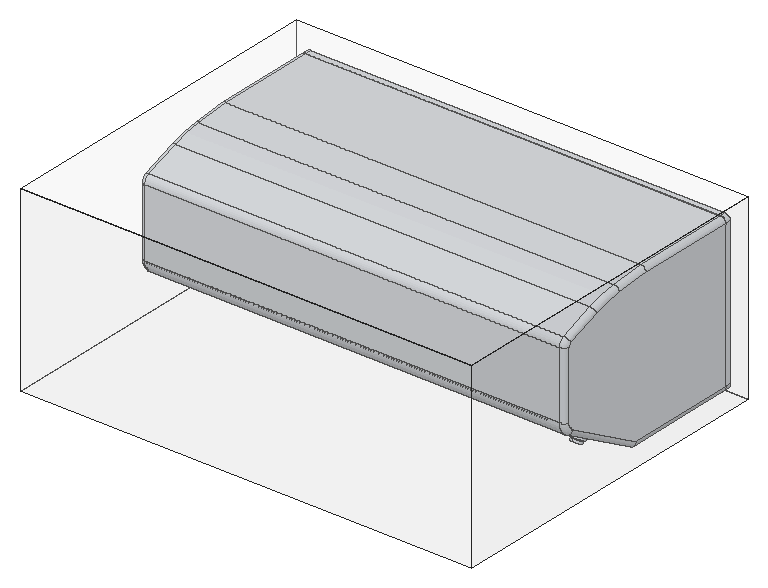
Revit family "msz-hxv2580_24_60hz", category 機械設備, Revit 2019
Family settings
  丸型コネクタ寸法 = 直径を使用
  種別 = なし
  パーツ タイプ = 標準
  OmniClass 番号 = 23.75.10.24.21.27.27
  OmniClass タイトル = Split System Air Conditioning Units
  作業面ベース = いいえ
  常に垂直 = はい
  ロード時にボイドで切り取り = いいえ
  共有 = いいえ
  部屋計算ポイント = はい
Parameters (values of type "壁掛_MSZ-HXV2524-W-IN")
  運転音(静冷房)  db = 34
  運転音(静暖房)  db = 39
  運転音(強暖房)  db = 62
  運転音(強冷房)  db = 61
  運転音(弱暖房)  db = 45
  運転音(弱冷房)  db = 46
  運転音(中暖房)  db = 50
  運転音(中冷房)  db = 51
  風量 = MAX風量  # 780 m³/h
  音響パワーレベル(dB) = 61
  音響パワーレベル (弱) (dB) = 34
  電源種別 = ""
  電圧_電気ヒーター = 0 V
  電圧 = 100 V
  電動機出力_送風機 = 28 W
  運転質量 = 0.00 kg
  運転方法 = "冷暖切替"
  連動 = ""
  質量 = if(製品質量 > 運転質量, 製品質量, 運転質量) * 1.2  # 21.60 kg
  負荷分類 = 1_熱源類
  設計暖房能力 [instance] = 0 kW
  設計冷房能力_顕熱 [instance] = 0 kW
  設計冷房能力 [instance] = 0 kW
  設置方法 = "壁掛形"
  記号 [instance] = ""
  製造元 = "三菱電機株式会社"
  製品質量 = 18.00 kg
  製品出荷対象 = "国内"
  製品リリース年月 = ""
  製品グループ = ""
  系統 [instance] = ""
  符号 = "PAC"
  積算_科目 = "1 空気調和設備"
  積算_拾い区分 [instance] = ""
  相_電気ヒーター = 1
  相 = 1
  盤記号 [instance] = ""
  発停方法 = "付属スイッチ"
  特殊仕様 [instance] = ""
  火災停止 = ""
  消費電力_電気ヒーター = 0 W
  消費電力_暖房 = 590 W
  消費電力_冷房 = 500 W
  消費電力 = if(消費電力_冷房 > 消費電力_暖房, 消費電力_冷房, 消費電力_暖房)  # 590 W
  法定耐用年数 = "6"
  極数 = 1
  材質 [instance] = ""
  本体マテリアル = none
  有効加湿量 = 0
  最大電流値 = 0 A
  暖房能力 = 3.2 kW
  暖房 風量 = 780 m³/h
  推奨ブレーカー容量 = 20 A
  台数_冷媒分岐ユニット [instance] = ""
  冷房 風量 = 665 m³/h
  冷媒管長 [instance] = 0 mm
  価格 = 0
  形式_加湿器 = ""
  形式 = "壁掛 (露出)形"
  幹線記号 = ""
  室内機 = 室内機 : MSZ-ZXV2223-W-IN
  始動方式 = "直入"
  呼称 = "パッケージ形空気調和機_室内機"
  周波数 = 60 Hz
  台数_手元リモコン = ""
  参照している仕様書等のバージョン = "公共建築工事標準仕様書（機械設備工事編）平成31年度版"
  加湿給水管径 = 0 mm
  分類コード = "5.0053E+13"
  分類グループ = ""
  冷房能力 = 2.5 kW
  冷媒高低圧ガス管径 = 0 mm
  冷媒管径符号 = "Ab"
  冷媒管径 = 100 mm
  冷媒液管径 = 6.35 mm
  冷媒ガス管径 = 9.52 mm
  企業コード = "108420"
  付属品 [instance] = ""
  仕様書バージョン = "Version1.0"
  モデル = "MSZ-HXV25**-*-IN"
  ドレン管径 = 16 mm
  サービススペース = yes
  コメント [instance] = ""
  Width = 799 mm
  Version = ""
  Uniclass2015Version = "Systems v1.9"
  Uniclass2015Title = "Split coil remote air cooled condensing units"
  Uniclass2015Code = "Pr_70_65_03_84"
  URL = "https://www.mitsubishielectric.co.jp/ldg/wink/"
  S寸法 = 0 mm
  SpecificationReference = ""
  SpecificationDescription = ""
  Revision = ""
  ProductInformation = ""
  OmniClassCode = "23-33 17 13 11"
  MAX風量 = if(冷房 風量 > 暖房 風量, 冷房 風量, 暖房 風量)  # 780 m³/h
  IfcTypeProduct = ""
  IfcProduct = ""
  IfcExportType = "AIRCONDITIONINGUNIT"
  IfcExportAs = "IfcUnitaryEquipmentType"
  Height = 295 mm
  Depth = 389 mm
  Clearance Top = 39 mm
  Clearance Right = 30 mm
  Clearance Left = 20 mm
  Clearance Front = 256 mm
  Clearance Bottom = 7 mm
  Clearance Back = 0 mm
  COP = 0
  Author = "三菱電機株式会社"
  APF = 0
Types (7, lengths in mm): name | 運転音(静冷房)  db | 運転音(静暖房)  db | 運転音(強暖房)  db | 運転音(強冷房)  db | 運転音(弱暖房)  db | 運転音(弱冷房)  db | 運転音(中暖房)  db | 運転音(中冷房)  db | 風量 | 音響パワーレベル(dB) | 音響パワーレベル (弱) (dB) | 電圧 | 電動機出力_送風機 | 質量 | 製品質量 | 消費電力_暖房 | 消費電力_冷房 | 消費電力 | 暖房能力 | 暖房 風量 | 推奨ブレーカー容量 | 冷房 風量 | 冷房能力 | 冷媒管径符号 | 冷媒ガス管径 | モデル | MAX風量
  壁掛_MSZ-HXV2524-W-IN | 34 | 39 | 62 | 61 | 45 | 46 | 50 | 51 | 780 m³/h | 61 | 34 | 100 V | 28 W | 21.60 kg | 18.00 kg | 590 W | 500 W | 590 W | 3.2 kW | 780 m³/h | 20 A | 665 m³/h | 2.5 kW | "Ab" | 9.52 | "MSZ-HXV25**-*-IN" | 780 m³/h
  壁掛_MSZ-HXV2824S-W-IN | 34 | 39 | 66 | 63 | 46 | 48 | 52 | 53 | 810 m³/h | 63 | 34 | 200 V | 40 W | 21.60 kg | 18.00 kg | 770 W | 580 W | 770 W | 4 kW | 810 m³/h | 15 A | 665 m³/h | 2.8 kW | "Ab" | 9.52 | "MSZ-HXV28**S-*-IN" | 810 m³/h
  壁掛_MSZ-HXV4024S-W-IN | 40 | 44 | 69 | 67 | 50 | 50 | 55 | 55 | 930 m³/h | 67 | 40 | 200 V | 40 W | 22.80 kg | 19.00 kg | 1430 W | 960 W | 1430 W | 6 kW | 930 m³/h | 20 A | 730 m³/h | 4 kW | "Ab" | 9.52 | "MSZ-HXV40**S-*-IN" | 930 m³/h
  壁掛_MSZ-HXV5624S-W-IN | 44 | 46 | 71 | 68 | 51 | 51 | 56 | 56 | 940 m³/h | 68 | 44 | 200 V | 40 W | 22.80 kg | 19.00 kg | 1700 W | 1720 W | 1720 W | 6.7 kW | 940 m³/h | 20 A | 805 m³/h | 5.6 kW | "Ab" | 9.52 | "MSZ-HXV56**S-*-IN" | 940 m³/h
  壁掛_MSZ-HXV6324S-W-IN | 44 | 47 | 71 | 69 | 52 | 52 | 57 | 57 | 960 m³/h | 69 | 44 | 200 V | 40 W | 22.80 kg | 19.00 kg | 1900 W | 2200 W | 2200 W | 7.1 kW | 960 m³/h | 20 A | 860 m³/h | 6.3 kW | "Ac" | 12.7 | "MSZ-HXV63**S-*-IN" | 960 m³/h
  壁掛_MSZ-HXV7124S-W-IN | 44 | 47 | 72 | 70 | 52 | 52 | 57 | 57 | 1045 m³/h | 70 | 44 | 200 V | 40 W | 22.80 kg | 19.00 kg | 2350 W | 2500 W | 2500 W | 8.5 kW | 1045 m³/h | 20 A | 960 m³/h | 7.1 kW | "Ac" | 12.7 | "MSZ-HXV71**S-*-IN" | 1045 m³/h
  壁掛_MSZ-HXV8024S-W-IN | 44 | 47 | 72 | 72 | 52 | 52 | 57 | 57 | 1045 m³/h | 72 | 44 | 200 V | 46 W | 22.80 kg | 19.00 kg | 2680 W | 2920 W | 2920 W | 9.5 kW | 1045 m³/h | 20 A | 960 m³/h | 8 kW | "Ac" | 12.7 | "MSZ-HXV80**S-*-IN" | 1045 m³/h
Reference planes
  plane 1 "中心(正面/背面)": y = 0
  plane 2: z = 0
  plane 3 "中心(左/右)": x = 0
  plane 4: y = -650
  plane 5: x = -399.5
  plane 6: x = 399.5
  plane 7: x = 429.5
  plane 8: z = 0
  plane 9: z = 39
  plane 10: x = -419.5
  plane 11: z = -253
  plane 12: x = -352.5
  plane 13: z = -302
  plane 14: y = -199.5
  plane 15: y = -394
  plane 16: y = -5
  plane 17: x = 352.5
  plane 18: z = -254
  plane 19: z = -295
  plane 20: y = 0
  plane 21: z = -284
  plane 22: z = -273
  plane 23: z = -385
Forms (mm)
  Extrusion 1, solid, detail levels fine
    sketch origin (-695, 194.999, 0) x (1, 0, 0) y (0, 0, 1)
      loop
        circle (342.5, -253) r 10
    from 199.999 to 217.5
  Extrusion 2, solid, detail levels fine
    sketch origin (-695, 210.625, -30) x (1, 0, 0) y (0, 0, 1)
      loop
        circle (342.5, -243) r 5
    from 215.625 to 220.625
Lines and regions (mm)
  Masking region 1, detail levels coarse+medium
    outline origin (0, 0, 0) x (1, 0, 0) y (0, 1, 0)
      loop
        line (399.5, 0) -> (-399.5, 0) -> (-399.5, -394) -> (399.5, -394) -> (399.5, 0)
Dimensions and locks
  equal spacing: plane 5, plane 3 "中心(左/右)", plane 6
  "Clearance Right": plane 6 to plane 7
  "Clearance Top": plane 9 to plane 8
  "Width": plane 5 to plane 6
  "Clearance Left": plane 10 to plane 5
  locked: plane 5 to plane 12 at 47
  equal spacing: plane 15, plane 14, plane 16
  "Depth": plane 15 to plane 16
  "Clearance Front": plane 4 to plane 15
  nested 1 to plane 15 = 389 mm
  locked: plane 6 to plane 17 at 47
  "Clearance Bottom": plane 19 to plane 13
  "Height": plane 8 to plane 19
  locked: plane 19 to plane 11 at 42
  locked: plane 19 to plane 18 at 41
  "Clearance Back": plane 1 "中心(正面/背面)" to plane 20
  locked: plane 21 to plane 18 at 30
  locked: plane 22 to plane 11 at 20
  plane 16 to plane 20 = 5 mm
  plane 4 to plane 20 = 650 mm
  plane 20 to plane 16 = 5 mm
  aligned and locked: plane 2 to level
  aligned and locked: plane 8 to nested 1  (x2)
  aligned and locked: nested 1 to plane 19  (x2)
  aligned and locked: level to plane 8
  aligned and locked: plane 9 to nested 2
  aligned and locked: plane 13 to nested 2
  aligned and locked: Masking region 1 sketch curve to plane 5
  aligned and locked: plane 15 to Masking region 1 sketch curve
  aligned and locked: Masking region 1 sketch curve to plane 20
  aligned and locked: plane 6 to Masking region 1 sketch curve
  aligned and locked: plane 16 to nested 1
  aligned and locked: plane 1 "中心(正面/背面)" to nested 2
  aligned and locked: plane 10 to nested 2
  aligned and locked: plane 7 to nested 2
  aligned and locked: plane 4 to nested 2
  aligned and locked: nested 1 to Extrusion 1
  aligned and locked: nested 1 to Extrusion 2
Automatic sketch dimensions
  Extrusion 1 sketch curve to plane 11 = 0 mm
  plane 12 to Extrusion 1 sketch curve = 0 mm
  plane 12 to Extrusion 2 sketch curve = 0 mm
  Extrusion 2 sketch curve to plane 22 = 0 mm
  radius of Extrusion 1 sketch curve = 10 mm
  radius of Extrusion 2 sketch curve = 5 mm
Nested families
  nested 1: "室内機" at (0, 0, -295), type <- "室内機", type "MSZ-ZXV2223-W-IN", detail levels fine
  nested 2: "サービススペース" at (5, -325, -131.5), visible <- "サービススペース", type "サービススペース"
    with Width 849 mm, Height 341 mm, Depth 650 mm
Connectors
  piping at (-352.5, -5, -253), diameter 100, driven by "冷媒管径", driven by "冷媒管径符号"
    settings: on Extrusion 1, index 7, connector inside diameter 609.6 mm, connector length 0 mm, flow factor 0, pipe flow 0.0 L/s, pressure drop 0.0 Pa, fitting loss kfactor 0, connector angle 0.00°, fixture units 0, engagement length 0 mm, angle of deflection 0.00°, flow configuration 1, flow direction 1, fitting loss method 4, system type 7, joint type 0, gender type 0, connector reference index -1, connector utility 0, adjustable connector no, is connector primary yes, connector description "Ab"
  piping at (-352.5, -5, -273), diameter 16, driven by "ドレン管径"
    settings: on Extrusion 2, index 8, connector inside diameter 609.6 mm, connector length 0 mm, flow factor 0, pipe flow 0.0 L/s, pressure drop 0.0 Pa, fitting loss kfactor 0, connector angle 0.00°, fixture units 0, engagement length 0 mm, angle of deflection 0.00°, flow configuration 1, flow direction 2, fitting loss method 4, system type 16, joint type 0, gender type 0, connector reference index -1, connector utility 0, adjustable connector no, is connector primary no, connector description ""
  electrical at (0, -5, -147.5), driven by "負荷分類", driven by "電圧", driven by "消費電力"
    settings: on nested 1, index 10, voltage 100 V, apparent load 590 VA, apparent load phase1 0 VA, apparent load phase2 0 VA, apparent load phase3 0 VA, power factor 1, load classification "1_熱源類", number of poles 1, system type 30, power factor state 1, is connector primary yes, connector utility no, sub classification motor no, connector description ""
Definition of nested family "室内機"
  Parameters (values of type "MSZ-ZXV9023S-W-IN")
    Width = 799 mm
    Height = 295 mm
    Depth = 394 mm
  Types (12): name
    MSZ-ZXV9023S-W-IN
    MSZ-ZXV8023S-W-IN
    MSZ-ZXV7123S-W-IN
    MSZ-ZXV6323S-W-IN
    MSZ-ZXV5623S-W-IN
    MSZ-ZXV4023S-W-IN
    MSZ-ZXV3623S-W-IN
    MSZ-ZXV3623-W-IN
    MSZ-ZXV2823S-W-IN
    MSZ-ZXV2823-W-IN
    MSZ-ZXV2523-W-IN
    MSZ-ZXV2223-W-IN
  Reference planes
    plane 1 "中心(正面/背面)": y = 0
    plane 2: z = 0
    plane 3 "中心(左/右)": x = 0
    plane 4: y = -5
    plane 5: x = 399.5
    plane 6: x = -399.5
    plane 7: y = -394
    plane 8: z = 295
    plane 9: x = 379.5
    plane 10: y = -385
    plane 11: y = -394
    plane 12: z = 42
    plane 13: z = 295
    plane 14: z = 273
    plane 15: x = 352
    plane 16: x = -352
    plane 17: x = 399
    plane 18: x = 335
    plane 19: z = 253
    plane 20: x = 225
    plane 21: x = -225
    plane 22: x = 280
    plane 23: x = 155
    plane 24: z = 263
    plane 25: z = 243
  Forms (mm)
    Extrusion 1, solid
      sketch origin (0, 4, 0) x (0, 1, 0) y (0, 0, 1)
        loop
          line (-20, 284.987) -> (-212.516, 284.987) -> (-267.726, 279.494)
          arc (-267.726, 279.494) -> (-294.837, 275.073) -> (-321.185, 267.308) r 219.987
          line (-321.185, 267.308) -> (-384.718, 244.184)
          arc (-384.718, 244.184) -> (-387.098, 242.358) -> (-388, 239.497) r 4.987
          line (-388, 239.497) -> (-388, 112.321)
          arc (-388, 112.321) -> (-385.322, 102.327) -> (-378.006, 95.011) r 19.987
          line (-378.006, 95.011) -> (-230.785, 10.013) -> (-20, 10.013) -> (-20, 284.987)
      from -399.5 to 399.5
    Sweep 2, solid
      path origin (390, 4, 0) x (0, 1, 0) y (0, 0, 1)
        loop
          line (-20, 295) -> (-208.013, 295) -> (-270.599, 288.772)
          arc (-270.599, 288.772) -> (-298.943, 284.15) -> (-326.49, 276.032) r 230
          line (-326.49, 276.032) -> (-388.143, 253.592)
          arc (-388.143, 253.592) -> (-395.3, 248.101) -> (-398.013, 239.497) r 15
          line (-398.013, 239.497) -> (-398.013, 112.321)
          arc (-398.013, 112.321) -> (-393.993, 97.321) -> (-383.013, 86.34) r 30
          line (-383.013, 86.34) -> (-233.468, 0) -> (-20, 0)
      profile origin (390, -110.006, 295) x (0, 0, -1) y (1, 0, 0)
        loop
          arc (10.013, 9.5) -> (3.113, 6.75) -> (0.013, 0) r 10
          line (0.013, 0) -> (0.013, -780)
          arc (0.013, -780) -> (3.113, -786.75) -> (10.013, -789.5) r 10
          line (10.013, -789.5) -> (10.013, 9.5)
    Extrusion 3, solid
      sketch origin (0, 0, 0) x (1, 0, 0) y (0, 0, 1)
        loop
          line (-399.5, 285) -> (-399.5, 10)
          arc (-399.5, 10) -> (-396.746, 3.108) -> (-390, 0.013) r 10
          line (-390, 0.013) -> (390, 0.013)
          arc (390, 0.013) -> (396.746, 3.108) -> (399.5, 10) r 10
          line (399.5, 10) -> (399.5, 285)
          arc (399.5, 285) -> (396.746, 291.892) -> (390, 294.987) r 10
          line (390, 294.987) -> (-390, 294.987)
          arc (-390, 294.987) -> (-396.746, 291.892) -> (-399.5, 285) r 10
      from 16 to 5
    Revolve 4, solid
      sketch origin (367, -58.632, -153.367) x (0, 0.866025, -0.5) y (0, 0.5, 0.866025)
        loop
          line (-330.479, 56.396) -> (-330.479, 42.304) -> (-323.593, 42.304) -> (-323.593, 35.722) -> (-320.593, 35.722) -> (-320.593, 40.304)
          arc (-320.593, 40.304) -> (-320.007, 41.718) -> (-318.593, 42.304) r 2
          line (-318.593, 42.304) -> (-317.593, 42.304) -> (-317.593, 56.396) -> (-330.479, 56.396)
        axis (-330.479, 35.722) -> (-330.479, 56.396)
      angle from 0 to 360
    Extrusion 5, void
      sketch origin (0, -129.013, 230.692) x (1, 0, 0) y (0, -0.866025, 0.5)
        loop
          line (-383, 2) -> (-8.5, 2) -> (-8.5, 52) -> (-383, 52) -> (-383, 2)
        loop
          line (-385, 54) -> (-385, 0) -> (385, 0) -> (385, 54) -> (-385, 54)
        loop
          line (383, 2) -> (383, 52) -> (-6.5, 52) -> (-6.5, 2) -> (383, 2)
      from 250 to 244.836
    Extrusion 6, solid
      sketch origin (0, 0, 0) x (1, 0, 0) y (0, 0, 1)
        loop
          line (-285, 0) -> (285, 0) -> (285, 70)
          arc (285, 70) -> (292.322, 87.678) -> (310, 95) r 25
          arc (310, 95) -> (327.678, 102.322) -> (335, 120) r 25
          line (335, 120) -> (335, 273) -> (295, 273) -> (295, 278)
          arc (295, 278) -> (293.536, 281.536) -> (290, 283) r 5
          line (290, 283) -> (270, 283)
          arc (270, 283) -> (266.464, 281.536) -> (265, 278) r 5
          line (265, 278) -> (265, 273) -> (119.535, 273) -> (70.033, 253) -> (24.949, 253) -> (10, 290) -> (0, 290) -> (-10, 290) -> (-24.949, 253) -> (-105.033, 253) -> (-154.535, 273) -> (-265, 273) -> (-265, 278)
          arc (-265, 278) -> (-266.464, 281.536) -> (-270, 283) r 5
          line (-270, 283) -> (-290, 283)
          arc (-290, 283) -> (-293.536, 281.536) -> (-295, 278) r 5
          line (-295, 278) -> (-295, 273) -> (-335, 273) -> (-335, 120)
          arc (-335, 120) -> (-327.678, 102.322) -> (-310, 95) r 25
          arc (-310, 95) -> (-292.322, 87.678) -> (-285, 70) r 25
          line (-285, 70) -> (-285, 0)
        loop
          line (230.5, 248.5) -> (230.5, 257.5)
          arc (230.5, 257.5) -> (225, 263) -> (219.5, 257.5) r 5.5
          line (219.5, 257.5) -> (219.5, 248.5)
          arc (219.5, 248.5) -> (225, 243) -> (230.5, 248.5) r 5.5
        loop
          arc (-220.5, 247.5) -> (-215, 253) -> (-220.5, 258.5) r 5.5
          line (-220.5, 258.5) -> (-229.5, 258.5)
          arc (-229.5, 258.5) -> (-235, 253) -> (-229.5, 247.5) r 5.5
          line (-229.5, 247.5) -> (-220.5, 247.5)
        loop
          line (-105, 10) -> (105, 10)
          arc (105, 10) -> (155, 60) -> (105, 110) r 50
          line (105, 110) -> (-105, 110)
          arc (-105, 110) -> (-155, 60) -> (-105, 10) r 50
        loop
          line (305, 243) -> (255, 243) -> (255, 188) -> (261.875, 188)
          arc (261.875, 188) -> (265.887, 200.215) -> (267.245, 213) r 60.879
          line (267.245, 213) -> (292.755, 213)
          arc (292.755, 213) -> (294.113, 200.215) -> (298.125, 188) r 60.879
          line (298.125, 188) -> (305, 188) -> (305, 243)
        loop
          line (-305, 243) -> (-305, 188) -> (-298.125, 188)
          arc (-298.125, 188) -> (-294.113, 200.215) -> (-292.755, 213) r 60.879
          line (-292.755, 213) -> (-267.245, 213)
          arc (-267.245, 213) -> (-265.887, 200.215) -> (-261.875, 188) r 60.879
          line (-261.875, 188) -> (-255, 188) -> (-255, 243) -> (-305, 243)
      from 0 to 5
  Cuts and joins
    Extrusion 5 cuts Extrusion 1
    Extrusion 5 cuts Sweep 2
    joined: Sweep 2, Revolve 4
    Extrusion 5 cuts Extrusion 3
  Lines and regions (mm)
    model lines
      curve 1: line (-349.5, -121, 294.987) -> (-349.5, -181, 294.987)
      curve 2: line (-349.5, -189.013, 294.987) -> (349.5, -189.013, 294.987)
      curve 3: line (-349.5, -131, 294.987) -> (349.5, -131, 294.987)
      curve 4: line (349.5, -121, 294.987) -> (349.5, -181, 294.987)
      curve 5: line (-249.643, -121, 294.987) -> (-249.643, -181, 294.987)
      curve 6: line (-149.786, -121, 294.987) -> (-149.786, -181, 294.987)
      curve 7: line (-49.929, -121, 294.987) -> (-49.929, -181, 294.987)
      curve 8: line (49.929, -121, 294.987) -> (49.929, -181, 294.987)
      curve 9: line (149.786, -121, 294.987) -> (149.786, -181, 294.987)
      curve 10: line (249.643, -121, 294.987) -> (249.643, -181, 294.987)
      curve 11: line (-349.5, -151, 294.987) -> (349.5, -151, 294.987)
      curve 12: line (-349.5, -179.013, 294.987) -> (349.5, -179.013, 294.987)
      curve 13: line (-349.5, -161, 294.987) -> (349.5, -161, 294.987)
      curve 14: line (-349.5, -141, 294.987) -> (349.5, -141, 294.987)
      curve 15: line (-349.5, -121, 294.987) -> (349.5, -121, 294.987)
      curve 16: line (-349.5, -46, 294.987) -> (-349.5, -106, 294.987)
      curve 17: line (-349.5, -106, 294.987) -> (349.5, -106, 294.987)
      curve 18: line (-349.5, -56, 294.987) -> (349.5, -56, 294.987)
      curve 19: line (349.5, -46, 294.987) -> (349.5, -106, 294.987)
      curve 20: line (-249.643, -46, 294.987) -> (-249.643, -106, 294.987)
      curve 21: line (-149.786, -46, 294.987) -> (-149.786, -106, 294.987)
      curve 22: line (-49.929, -46, 294.987) -> (-49.929, -106, 294.987)
      curve 23: line (49.929, -46, 294.987) -> (49.929, -106, 294.987)
      curve 24: line (149.786, -46, 294.987) -> (149.786, -106, 294.987)
      curve 25: line (249.643, -46, 294.987) -> (249.643, -106, 294.987)
      curve 26: line (-349.5, -76, 294.987) -> (349.5, -76, 294.987)
      curve 27: line (-349.5, -96, 294.987) -> (349.5, -96, 294.987)
      curve 28: line (-349.5, -86, 294.987) -> (349.5, -86, 294.987)
      curve 29: line (-349.5, -66, 294.987) -> (349.5, -66, 294.987)
      curve 30: line (-349.5, -46, 294.987) -> (349.5, -46, 294.987)
  Dimensions and locks
    equal spacing: plane 6, plane 3 "中心(左/右)", plane 5
    "Width": plane 6 to plane 5
    "Depth": plane 7 to plane 1 "中心(正面/背面)"
    "Height": plane 8 to level
    plane 6 to curve 1 = 50 mm
    locked: plane 4 to plane 1 "中心(正面/背面)" at 5
    cut or joined group of Extrusion 3, Extrusion 5 to plane 7 = 389 mm
    cut or joined group of Extrusion 3, Extrusion 5 to plane 11 = 389 mm
    plane 7 to cut or joined group of Extrusion 3, Extrusion 5 = 389 mm
    plane 13 to plane 12 = 253 mm
    plane 13 to plane 14 = 22 mm
    plane 18 to plane 17 = 64 mm
    plane 17 to plane 15 = 47 mm
    plane 19 to plane 12 = 211 mm
    plane 14 to plane 12 = 231 mm
    plane 19 to Extrusion 6 sketch curve = 65 mm
    plane 24 to plane 25 = 20 mm
    aligned and locked: level to plane 2
    aligned and locked: Extrusion 3 to Extrusion 1
    aligned and locked: cut or joined group of Extrusion 3, Extrusion 5 to plane 4
    aligned and locked: plane 4 to cut or joined group of Extrusion 3, Extrusion 5
    aligned and locked: plane 7 to cut or joined group of Sweep 2, Revolve 4, Extrusion 5
    aligned and locked: Extrusion 6 to plane 1 "中心(正面/背面)"
    aligned and locked: plane 4 to Extrusion 6
  Automatic sketch dimensions
    Extrusion 3 sketch curve to plane 6 = 0 mm
    Extrusion 3 sketch curve to plane 5 = 0 mm
    Extrusion 3 sketch curve to plane 8 = 0.013 mm
    plane 6 to Extrusion 3 sketch curve = 9.5 mm  (x2)
    level to Extrusion 3 sketch curve = 0.013 mm
    level to Extrusion 3 sketch curve = 10 mm
    Extrusion 3 sketch curve to Extrusion 3 sketch curve = 0.5 mm
    Extrusion 3 sketch curve to plane 5 = 10 mm  (x2)
    Extrusion 3 sketch curve to plane 5 = 9.5 mm  (x2)
    level to Revolve 4 sketch curve = 60.713 mm
    Revolve 4 sketch curve to plane 7 = 77.363 mm
    Revolve 4 sketch curve to Revolve 4 sketch curve = 6.886 mm
    Revolve 4 sketch curve to Revolve 4 sketch curve = 3 mm
    Revolve 4 sketch curve to Revolve 4 sketch curve = 2 mm
    Revolve 4 sketch curve to Revolve 4 sketch curve = 12.886 mm
    Revolve 4 sketch curve to Revolve 4 sketch curve = 14.091 mm
    Revolve 4 sketch curve to Revolve 4 sketch curve = 0 mm  (x2)
    Revolve 4 sketch curve to Revolve 4 sketch curve = 4.583 mm
    Revolve 4 sketch curve to Revolve 4 sketch curve = 6.134 mm
    Revolve 4 sketch curve to Revolve 4 sketch curve = 3.815 mm
    plane 6 to Extrusion 5 sketch curve = 14.5 mm
    Extrusion 5 sketch curve to Extrusion 5 sketch curve = 2 mm  (x5)
    Extrusion 5 sketch curve to plane 3 "中心(左/右)" = 8.5 mm
    plane 9 to Extrusion 5 sketch curve = 3.5 mm
    Extrusion 5 sketch curve to Extrusion 5 sketch curve = 0 mm
    Extrusion 5 sketch curve to Extrusion 5 sketch curve = 50 mm  (x2)
    curve 1 to curve 1 = 60 mm  (x2)
    Extrusion 1 sketch curve to plane 7 = 10 mm
    Extrusion 1 sketch curve to Extrusion 1 sketch curve = 3.282 mm
    Extrusion 1 sketch curve to Extrusion 1 sketch curve = 1.706 mm
    Extrusion 1 sketch curve to Extrusion 1 sketch curve = 9.994 mm  (x2)
    Extrusion 1 sketch curve to plane 8 = 27.692 mm
    Extrusion 1 sketch curve to Extrusion 1 sketch curve = 63.534 mm
    Extrusion 1 sketch curve to plane 8 = 15.506 mm
    Extrusion 1 sketch curve to Extrusion 1 sketch curve = 53.458 mm
    level to Extrusion 1 sketch curve = 60.587 mm
    level to Extrusion 1 sketch curve = 10.013 mm
    Extrusion 1 sketch curve to Extrusion 1 sketch curve = 15.16 mm
    Extrusion 1 sketch curve to plane 8 = 10.013 mm
    Extrusion 1 sketch curve to Extrusion 1 sketch curve = 55.211 mm
    plane 4 to Extrusion 1 sketch curve = 11 mm
    level to Extrusion 1 sketch curve = 95.011 mm
    Extrusion 1 sketch curve to plane 8 = 55.503 mm
    plane 7 to Sweep 2 sketch curve = 0.013 mm
    Sweep 2 sketch curve to level = 0 mm
    Sweep 2 sketch curve to plane 8 = 0 mm
    Sweep 2 sketch curve to plane 7 = 9.857 mm
    Sweep 2 sketch curve to plane 7 = 14.987 mm  (x2)
    Sweep 2 sketch curve to plane 7 = 29.987 mm
    Sweep 2 sketch curve to plane 8 = 18.968 mm
    Sweep 2 sketch curve to Sweep 2 sketch curve = 61.652 mm
    Sweep 2 sketch curve to plane 8 = 6.228 mm
    Sweep 2 sketch curve to Sweep 2 sketch curve = 55.891 mm
    level to Sweep 2 sketch curve = 59.903 mm
    Sweep 2 sketch curve to Sweep 2 sketch curve = 14.358 mm
    Sweep 2 sketch curve to Sweep 2 sketch curve = 62.587 mm
    level to Sweep 2 sketch curve = 86.34 mm
    Sweep 2 sketch curve to plane 8 = 55.503 mm
    plane 4 to Sweep 2 sketch curve = 11 mm  (x2)
    Sweep 2 sketch curve to profile plane = 0 mm
    Sweep 2 sketch curve to profile plane = 0.013 mm
    Sweep 2 sketch curve to profile plane = 10 mm  (x2)
    Sweep 2 sketch curve to profile plane = 0.5 mm
    profile plane to Sweep 2 sketch curve = 9.5 mm
    Sweep 2 sketch curve to Sweep 2 sketch curve = 779 mm
    Sweep 2 sketch curve to Sweep 2 sketch curve = 0.5 mm
    Sweep 2 to curve 30 = 30 mm
    curve 2 to Sweep 2 = 14.999 mm
    Sweep 2 to curve 2 = 40.5 mm
    curve 30 to curve 18 = 10 mm
    curve 18 to curve 29 = 10 mm
    curve 29 to curve 26 = 10 mm
    curve 26 to curve 28 = 10 mm
    curve 28 to curve 27 = 10 mm
    curve 27 to curve 15 = 25 mm
    curve 17 to curve 15 = 15 mm
    curve 17 to curve 3 = 25 mm
    curve 3 to curve 14 = 10 mm
    curve 14 to curve 11 = 10 mm
    curve 11 to curve 13 = 10 mm
    curve 12 to curve 2 = 10 mm
    Sweep 2 to curve 30 = 40.5 mm
    Sweep 2 to curve 3 = 40.5 mm
    curve 29 to curve 30 = 0 mm
    curve 11 to curve 3 = 0 mm
    curve 28 to curve 29 = 0 mm
    curve 12 to curve 2 = 0 mm
    curve 27 to curve 28 = 0 mm
    curve 13 to curve 11 = 0 mm
    curve 26 to curve 28 = 0 mm
    curve 14 to curve 3 = 0 mm
    curve 18 to curve 29 = 0 mm
    curve 15 to curve 27 = 0 mm
    curve 17 to curve 15 = 0 mm  (x2)
    Sweep 2 to curve 15 = 40.5 mm
    curve 14 to curve 17 = 0 mm
    Sweep 2 to curve 18 = 40.5 mm
    curve 13 to curve 14 = 0 mm
    curve 26 to curve 18 = 0 mm
    curve 12 to curve 13 = 0 mm
    curve 27 to curve 15 = 0 mm
    curve 11 to curve 13 = 0 mm
    curve 28 to curve 26 = 0 mm
    curve 3 to curve 17 = 0 mm
    curve 29 to curve 18 = 0 mm
    curve 2 to curve 12 = 0 mm
    curve 30 to curve 18 = 0 mm
    curve 19 to plane 9 = 30 mm
    plane 4 to curve 16 = 41 mm
    curve 4 to curve 19 = 0 mm
    curve 19 to curve 25 = 99.857 mm
    curve 10 to curve 25 = 0 mm
    plane 4 to curve 24 = 41 mm
    curve 25 to curve 24 = 99.857 mm
    curve 9 to curve 24 = 0 mm
    plane 3 "中心(左/右)" to curve 8 = 49.929 mm
    plane 3 "中心(左/右)" to curve 23 = 49.929 mm
    curve 7 to plane 3 "中心(左/右)" = 49.929 mm
    curve 22 to plane 3 "中心(左/右)" = 49.929 mm
    curve 7 to curve 6 = 99.857 mm
    curve 21 to curve 6 = 0 mm
    plane 4 to curve 20 = 41 mm
    curve 21 to curve 20 = 99.857 mm
    curve 5 to curve 20 = 0 mm
    plane 6 to curve 16 = 50 mm
    plane 6 to curve 1 = 50 mm
    plane 4 to curve 25 = 41 mm
    plane 4 to curve 21 = 41 mm
    plane 4 to curve 23 = 41 mm
    plane 4 to curve 22 = 41 mm
    plane 4 to curve 19 = 41 mm
    curve 23 to curve 23 = 60 mm
    curve 20 to curve 20 = 60 mm
    curve 24 to curve 24 = 60 mm
    curve 19 to curve 19 = 60 mm
    curve 21 to curve 21 = 60 mm
    curve 22 to curve 22 = 60 mm
    curve 16 to curve 16 = 60 mm
    curve 25 to curve 25 = 60 mm
    curve 16 to curve 1 = 15 mm
    curve 25 to curve 10 = 15 mm
    curve 20 to curve 5 = 15 mm
    curve 24 to curve 9 = 15 mm
    curve 21 to curve 6 = 15 mm
    curve 23 to curve 8 = 15 mm
    curve 22 to curve 7 = 15 mm
    curve 19 to curve 4 = 15 mm
    curve 8 to curve 8 = 60 mm
    curve 5 to curve 5 = 60 mm
    curve 9 to curve 9 = 60 mm
    curve 4 to curve 4 = 60 mm
    curve 6 to curve 6 = 60 mm
    curve 7 to curve 7 = 60 mm
    curve 10 to curve 10 = 60 mm
    Extrusion 6 sketch curve to plane 14 = 0 mm  (x4)
    Extrusion 6 sketch curve to plane 25 = 0 mm  (x2)
    Extrusion 6 sketch curve to level = 0 mm
    Extrusion 6 sketch curve to plane 19 = 0 mm  (x3)
    Extrusion 6 sketch curve to plane 3 "中心(左/右)" = 0 mm
    Extrusion 6 sketch curve to plane 20 = 0 mm
    plane 18 to Extrusion 6 sketch curve = 0 mm
    Extrusion 6 sketch curve to plane 16 = 1.635 mm
    plane 16 to Extrusion 6 sketch curve = 17 mm
    Extrusion 6 sketch curve to Extrusion 6 sketch curve = 25 mm  (x3)
    Extrusion 6 sketch curve to Extrusion 6 sketch curve = 30 mm
    Extrusion 6 sketch curve to Extrusion 6 sketch curve = 6.875 mm  (x3)
    plane 14 to Extrusion 6 sketch curve = 5 mm  (x3)
    Extrusion 6 sketch curve to Extrusion 6 sketch curve = 10 mm
    Extrusion 6 sketch curve to Extrusion 6 sketch curve = 5.37 mm  (x3)
    Extrusion 6 sketch curve to Extrusion 6 sketch curve = 5 mm  (x3)
    plane 21 to Extrusion 6 sketch curve = 60 mm
    Extrusion 6 sketch curve to Extrusion 6 sketch curve = 20 mm
    Extrusion 6 sketch curve to Extrusion 6 sketch curve = 25.51 mm
    plane 21 to Extrusion 6 sketch curve = 30 mm
    plane 21 to Extrusion 6 sketch curve = 4.5 mm
    Extrusion 6 sketch curve to plane 21 = 4.5 mm
    Extrusion 6 sketch curve to plane 21 = 18.635 mm
    Extrusion 6 sketch curve to Extrusion 6 sketch curve = 65.965 mm
    Extrusion 6 sketch curve to Extrusion 6 sketch curve = 49.502 mm
    plane 12 to Extrusion 6 sketch curve = 18 mm
    Extrusion 6 sketch curve to plane 3 "中心(左/右)" = 105 mm
    Extrusion 6 sketch curve to plane 3 "中心(左/右)" = 24.949 mm
    Extrusion 6 sketch curve to plane 3 "中心(左/右)" = 10 mm
    plane 3 "中心(左/右)" to Extrusion 6 sketch curve = 10 mm
    plane 3 "中心(左/右)" to Extrusion 6 sketch curve = 24.949 mm
    Extrusion 6 sketch curve to Extrusion 6 sketch curve = 45.084 mm
    Extrusion 6 sketch curve to plane 23 = 50 mm
    Extrusion 6 sketch curve to plane 23 = 35.465 mm
    Extrusion 6 sketch curve to plane 20 = 18.635 mm
    plane 22 to Extrusion 6 sketch curve = 25 mm
    plane 22 to Extrusion 6 sketch curve = 15 mm
    plane 22 to Extrusion 6 sketch curve = 12.755 mm
    Extrusion 6 sketch curve to plane 22 = 5 mm
    Extrusion 6 sketch curve to plane 22 = 10 mm
    Extrusion 6 sketch curve to plane 22 = 12.755 mm
    plane 18 to Extrusion 6 sketch curve = 25 mm
    plane 15 to Extrusion 6 sketch curve = 1.635 mm
    level to Extrusion 6 sketch curve = 10 mm
    plane 12 to Extrusion 6 sketch curve = 28 mm  (x2)
    Extrusion 6 sketch curve to plane 25 = 55 mm
    plane 25 to Extrusion 6 sketch curve = 4.5 mm
    Extrusion 6 sketch curve to plane 19 = 4.5 mm
    plane 19 to Extrusion 6 sketch curve = 4.5 mm
    Extrusion 6 sketch curve to plane 8 = 5 mm
    Extrusion 6 sketch curve to plane 20 = 5.5 mm
Definition of nested family "サービススペース"
  Parameters (values of type "サービススペース")
    Width [instance] = 500 mm
    Height [instance] = 500 mm
    Depth [instance] = 500 mm
  Reference planes
    plane 1 "中心(正面/背面)": y = 0
    plane 2: z = 0
    plane 3 "中心(左/右)": x = 0
    plane 4: y = -250
    plane 5: x = 250
    plane 6: y = 250
    plane 7: x = -250
    plane 8: z = 250
    plane 9: z = -250
  Forms (mm)
    Extrusion 1, solid
      sketch origin (-638.939, 0, 72.39) x (1, 0, 0) y (0, 1, 0)
        loop
          line (388.939, 250) -> (388.939, -250) -> (888.939, -250) -> (888.939, 250) -> (388.939, 250)
      from -322.39 to 177.61
  Lines and regions (mm)
    symbolic lines
      curve 1: line (-250, 0, 250) -> (250, 0, 250)
      curve 2: line (-250, 0, -250) -> (-250, 0, 250)
      curve 3: line (250, 0, -250) -> (-250, 0, -250)
      curve 4: line (250, 0, 250) -> (250, 0, -250)
      curve 5: line (0, -250, 250) -> (0, 250, 250)
      curve 6: line (0, -250, -250) -> (0, -250, 250)
      curve 7: line (0, 250, -250) -> (0, -250, -250)
      curve 8: line (0, 250, 250) -> (0, 250, -250)
      curve 9: line (-250, 250, 0) -> (250, 250, 0)
      curve 10: line (-250, -250, 0) -> (-250, 250, 0)
      curve 11: line (250, -250, 0) -> (-250, -250, 0)
      curve 12: line (250, 250, 0) -> (250, -250, 0)
  Dimensions and locks
    equal spacing: plane 7, plane 3 "中心(左/右)", plane 5
    equal spacing: plane 4, plane 1 "中心(正面/背面)", plane 6
    "Depth": plane 4 to plane 6
    "Width": plane 7 to plane 5
    equal spacing: plane 8, plane 2, plane 9
    "Height": plane 8 to plane 9
    aligned and locked: plane 9 to curve 3
    aligned and locked: plane 7 to curve 2
    aligned and locked: curve 4 to plane 5
    aligned and locked: plane 5 to Extrusion 1
    aligned and locked: Extrusion 1 to plane 7
    aligned and locked: Extrusion 1 to plane 9
    aligned and locked: plane 8 to Extrusion 1
    aligned and locked: plane 9 to curve 7
  Automatic sketch dimensions
    plane 4 to Extrusion 1 sketch curve = 0 mm
    Extrusion 1 sketch curve to plane 7 = 0 mm
    Extrusion 1 sketch curve to plane 5 = 0 mm
    plane 6 to Extrusion 1 sketch curve = 0 mm
    curve 2 to plane 8 = 0 mm
    plane 4 to curve 11 = 0 mm
    curve 11 to plane 7 = 0 mm
    curve 11 to plane 5 = 0 mm
    plane 6 to curve 10 = 0 mm
    curve 7 to plane 4 = 0 mm
    curve 7 to plane 6 = 0 mm
    curve 6 to plane 8 = 0 mm
